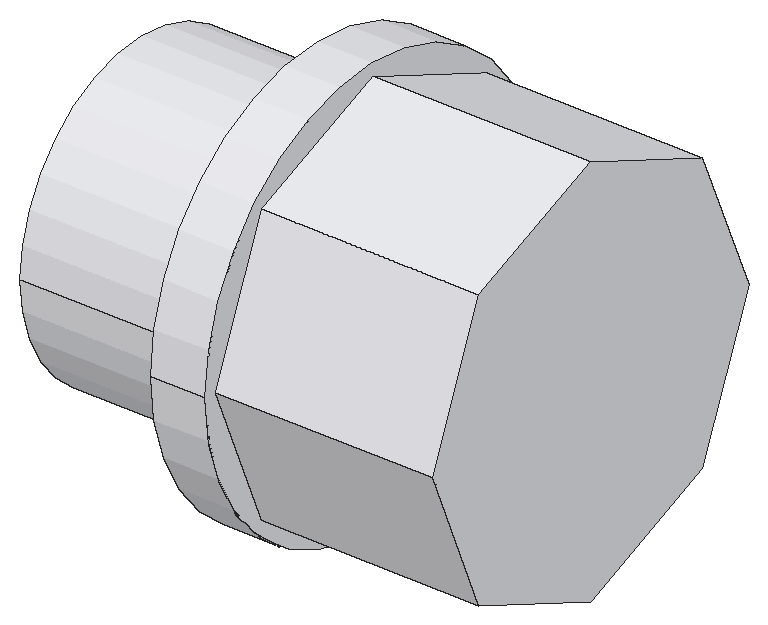
Revit family "PF_Заглушка [фитинг полипропиленовый – пробка с резьбой VTp.791.0]1 - VALTEC", category Соединительные детали трубопроводов, Revit 2019
Family settings
  Размер круглого соединителя = Использовать диаметр
  Тип детали = Заглушка
  На основе рабочей плоскости = Нет
  Всегда вертикально = Да
  При загрузке вырезать с полостями = Нет
  Общий = Нет
Parameters (values of type "VTp.791.0")
  Таблица = "PF_Заглушка [фитинг полипропиленовый – пробка с резьбой VTp.791.0] - VALTEC"  # constant formula
  built-in parameter 1114238 [instance] = (empty or 0)
  Manufacturer = ""
  dn3 [instance] = size_lookup(Таблица, "dn3", 0 mm, d)  # 25 mm
  dn2 [instance] = size_lookup(Таблица, "dn2", 0 mm, d)  # 34.4 mm
  dn1 [instance] = size_lookup(Таблица, "dn1", 0 mm, d)  # 30 mm
  d [instance] = 20 mm
  a2 [instance] = size_lookup(Таблица, "a2", 0 mm, d)  # 18 mm
  a1 [instance] = size_lookup(Таблица, "a1", 0 mm, d)  # 4.5 mm
  URL = "https://valtec.ru/"
  B [instance] = size_lookup(Таблица, "B", 0 mm, d)  # 14.5 mm
  ADSK_Примечание [instance] = ""
  ADSK_Позиция [instance] = ""
  ADSK_Обозначение [instance] = "VTp.791.0"  # constant formula
  ADSK_Наименование [instance] = size_lookup(Таблица, "", "Данный типоразмер отсутствует", d)  # "Пробка полипропиленовая с резьбой, 3/4\""
  ADSK_Материал = Пластик белый - VALTEC
  ADSK_Масса [instance] = size_lookup(Таблица, "Масса", 0, d)  # 0.014
  ADSK_Марка [instance] = size_lookup(Таблица, "Маркировка", "Данный типоразмер отсутствует", d)  # "3/4\""
  ADSK_Код изделия [instance] = size_lookup(Таблица, "Код продукта", "Данный типоразмер отсутствует", d)  # "VTp.791.0.05"
  ADSK_Завод-изготовитель [instance] = "VALTEC"  # constant formula
  ADSK_Единица измерения [instance] = "шт."  # constant formula
  ADSK_URL страницы изделия = "https://valtec.ru/catalog/sistemy_polipropilenovyh_truboprovodov/polipropilenovye_fitingi/probka_polipropilenovaya_s_rezboj_vtp7910.html"
  ADSK_URL документации изделия = "https://valtec.ru/document/technical/VTp.700-fitingi-0419.pdf"
  A [instance] = size_lookup(Таблица, "A", 0 mm, d)  # 37 mm
Reference planes
  plane 1 "По центру (Вперед/Назад)": y = 0
  plane 2: z = 0
  plane 3 "По центру (Влево/Вправо)": x = 0
  plane 4: x = 37
  plane 5: x = 14.5
  plane 6: y = 17.2
  plane 7: y = -17.2
  plane 8: x = 19
Forms (mm)
  Extrusion 1, solid, material "Пластик белый - VALTEC" <- "ADSK_Материал", detail levels medium+fine
    sketch origin (0, 0, 0) x (0, 1, 0) y (0, 0, 1)
      loop
        circle (0, 0) r 17.2
    from 14.5 to 19
  Extrusion 2, solid, material "Пластик белый - VALTEC" <- "ADSK_Материал", detail levels medium+fine
    sketch origin (0, 0, 0) x (0, 1, 0) y (0, 0, 1)
      loop
        circle (0, 0) r 12.5
    from 0 to 14.5
Cuts and joins
  joined: Extrusion 1, Extrusion 2
Lines and regions (mm)
  model lines, detail levels coarse
    curve 1: line (37, 0, 0) -> (0, 0, 0)
    curve 2: line (37, -17.2, 0) -> (37, 17.2, 0)
  reference lines
    curve 3: line (37, 0, 0) -> (14.5, 0, 0)
Dimensions and locks
  "A": plane 3 "По центру (Влево/Вправо)" to plane 4
  "B": plane 3 "По центру (Влево/Вправо)" to plane 5
  equal spacing: plane 7, plane 1 "По центру (Вперед/Назад)", plane 6
  "dn2": plane 7 to plane 6
  "a1": plane 5 to plane 8
  "dn2": diameter of Extrusion 1 sketch curve
  "dn3": diameter of Extrusion 2 sketch curve
  aligned and locked: level to plane 2
  aligned and locked: plane 2 to Extrusion 1 sketch curve
  aligned and locked: plane 1 "По центру (Вперед/Назад)" to Extrusion 1 sketch curve
  aligned and locked: plane 2 to Extrusion 2 sketch curve
  aligned and locked: plane 1 "По центру (Вперед/Назад)" to Extrusion 2 sketch curve
  aligned and locked: Extrusion 2 to plane 3 "По центру (Влево/Вправо)"
  aligned and locked: Extrusion 2 to plane 5
  aligned and locked: plane 5 to Extrusion 1
  aligned and locked: Extrusion 1 to plane 8
  aligned and locked: plane 3 "По центру (Влево/Вправо)" to curve 1
  aligned and locked: plane 4 to curve 1
  aligned and locked: plane 7 to curve 2
  aligned and locked: plane 6 to curve 2
  aligned and locked: curve 2 to plane 4
  aligned and locked: curve 1 to plane 1 "По центру (Вперед/Назад)"
  aligned and locked: plane 1 "По центру (Вперед/Назад)" to nested 1
  aligned and locked: nested 1 to plane 4
  aligned and locked: plane 4 to curve 3
  aligned and locked: plane 5 to curve 3
  aligned and locked: curve 3 to plane 1 "По центру (Вперед/Назад)"
Nested families
  nested 1: "Гайка - горизонталь" at (28, 0, 0), ADSK_Материал <- "ADSK_Материал", d <- "dn1", l <- "a2", type "Гайка - горизонталь", detail levels medium+fine
    with l 18 mm, d 30 mm, ADSK_Материал Пластик белый - VALTEC
Connectors
  piping at (14.5, 0, 0), diameter 20, driven by "d"
    settings: on curve 3, index 1, connector inside diameter 609.6 mm, connector length 0 mm, flow factor 0, pipe flow 0.0 L/s, pressure drop 0.0 Pa, fitting loss kfactor 0, connector angle 0.00°, fixture units 0, engagement length 0 mm, angle of deflection 0.00°, flow configuration 0, flow direction 0, fitting loss method 0, system type 28, joint type 0, gender type 0, connector reference index -1, connector utility 0, adjustable connector no, is connector primary yes, connector description ""
Definition of nested family "Гайка - горизонталь"
  Parameters (values of type "Гайка - горизонталь")
    d [instance] = 588.881 mm
    l [instance] = 637.4 mm
    ADSK_Материал [instance] = none
  Reference planes
    plane 1 "По центру (Вперед/Назад)": y = 0
    plane 2: z = 0
    plane 3 "По центру (Влево/Вправо)": x = 0
    plane 4: y = 318.7
    plane 5: y = -318.7
    plane 6: through (0, -912.519, 2972.425) normal (0, -0.9239, -0.3827)
    plane 7: through (0, -1234.338, 2979.956) normal (0, -0.9239, -0.3827)
    plane 8: through (0, -1556.157, 2987.486) normal (0, -0.9239, -0.3827)
    plane 9: through (0, 1234.338, 2979.956) normal (0, -0.9239, 0.3827)
    plane 10: through (0, -2420.114, 1321.144) normal (0, -0.3827, -0.9239)
    plane 11: through (0, -2532.792, 1049.117) normal (0, -0.3827, -0.9239)
    plane 12: through (0, -2645.469, 777.089) normal (0, -0.3827, -0.9239)
    plane 13: through (0, 2420.114, 1321.144) normal (0, -0.3827, 0.9239)
    plane 14: through (0, 2532.792, 1049.117) normal (0, -0.3827, 0.9239)
    plane 15: through (0, 2645.469, 777.089) normal (0, -0.3827, 0.9239)
    plane 16: through (0, 912.519, 2972.425) normal (0, -0.9239, 0.3827)
    plane 17: through (0, 1234.338, 2979.956) normal (0, -0.9239, 0.3827)
    plane 18: through (0, 1556.157, 2987.486) normal (0, -0.9239, 0.3827)
    plane 19: x = 318.7
    plane 20: x = -318.7
  Forms (mm)
    Extrusion 1, solid, material <- "ADSK_Материал"
      sketch origin (0, 0, 0) x (0, 1, 0) y (0, 0, 1)
        loop
          line (0, 318.7) -> (-225.355, 225.355) -> (-318.7, 0) -> (-225.355, -225.355) -> (0, -318.7) -> (225.355, -225.355) -> (318.7, 0) -> (225.355, 225.355) -> (0, 318.7)
      from -318.7 to 318.7
  Lines and regions (mm)
    reference lines
      curve 1: line (0, -112.677, -272.027) -> (0, 112.677, 272.027)
      curve 2: line (0, -272.027, 112.677) -> (0, 272.027, -112.677)
  Dimensions and locks
    equal spacing: plane 4, plane 1 "По центру (Вперед/Назад)", plane 5
    locked: plane 4 to plane 5 at 637.4
    equal spacing: plane 8, plane 7, plane 6
    "d": plane 8 to plane 6
    equal spacing: plane 12, plane 11, plane 10
    "d": plane 12 to plane 10
    equal spacing: plane 15, plane 14, plane 13
    "d": plane 15 to plane 13
    equal spacing: plane 18, plane 17, plane 16
    "d": plane 18 to plane 16
    equal spacing: plane 20, plane 3 "По центру (Влево/Вправо)", plane 19
    "l": plane 20 to plane 19
    aligned and locked: level to plane 2
    aligned and locked: plane 10 to Extrusion 1 sketch curve
    aligned and locked: plane 13 to Extrusion 1 sketch curve
    aligned and locked: plane 16 to Extrusion 1 sketch curve
    aligned and locked: Extrusion 1 sketch curve to plane 8
    aligned and locked: Extrusion 1 sketch curve to plane 12
    aligned and locked: Extrusion 1 sketch curve to plane 15
    aligned and locked: Extrusion 1 sketch curve to plane 18
    aligned and locked: plane 6 to Extrusion 1 sketch curve
    aligned and locked: plane 19 to Extrusion 1
    aligned and locked: plane 20 to Extrusion 1
    aligned and locked: Extrusion 1 to plane 19
    aligned and locked: plane 16 to curve 2
    aligned and locked: plane 18 to curve 2
    aligned and locked: curve 2 to plane 11
    aligned and locked: plane 12 to curve 1
    aligned and locked: plane 10 to curve 1
    aligned and locked: curve 1 to plane 17
